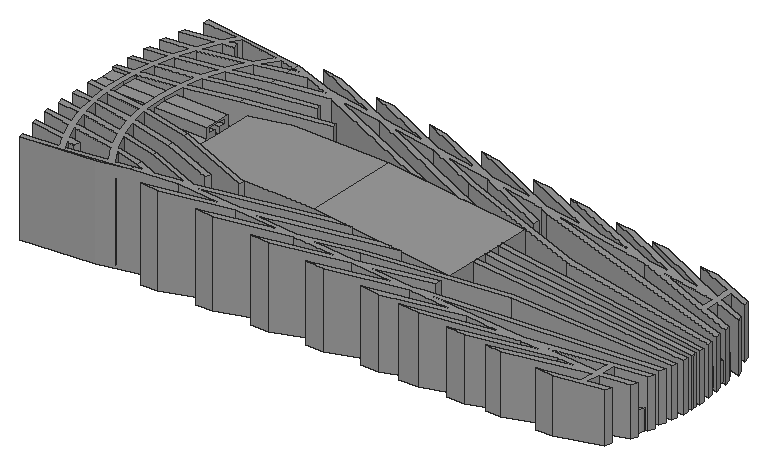
Revit family "Superstreet 250", category Осветительные приборы, Revit 2017 (continued)
Types (11, lengths in mm): name | built-in parameter 1150134 | Файл фотометрической сетки | built-in parameter 1150105 | Lumens | Apparent Load | built-in parameter 1150106 | built-in parameter 1150142 | Wattage | built-in parameter 1150107 | Артикул
  Superstreet 250 5.0К Ш22 | 2 | "Superstreet 250-202-LLI22-5.0K-01.ies" | 2106.6 (stored number, unit not read) | 26472 lm | 202 VA | 21.066 (stored number, unit not read) | "ISNA:LM-63-1995\r\n[TEST]LEDEL\r\n[DATA]28.05.2018\r\n[MANUFAC]LEDEL\r\n[LUMCAT]Superstreet 250/202/Ш22/5.0K/01\r\n[LUMINAIRE]Для освещения дорог категорий А и Б, городских улиц и площадей\r\n[LAMPCAT]LED\r\n[LAMP]OSRAM OSLON SQUARE3\r\nTILT=NONE\r\n\r\n1 26472 0.796198 37 37 1 2 0.636 0.256 0.100\r\n\r\n1 1 202\r\n\r\n0 2.5 5 7.5 10 12.5 15 17.5 20 22.5 25 27.5 30 32.5 35 37.5 40 42.5 45 47.5\r\n50 52.5 55 57.5 60 62.5 65 67.5 70 72.5 75 77.5 80 82.5 85 87.5 90\r\n\r\n90 95 100 105 110 115 120 125 130 135 140 145 150 155 160 165 170 175 180\r\n 185 190 195 200 205 210 215 220 225 230 235 240 245 250 255 260 265 270\r\n\r\n  8396 8494 8554 8644 8734 8846 8944 9038 9094 9229 9387 9574 9784 10043 10377\r\n  10857 11413 11724 11533 11050 10130 7762 4877 3393 2574 1929 1366 999 781 646\r\n  511 372 271 151 106 91 53\r\n  8374 8464 8539 8584 8689 8791 8884 8974 9064 9158 9297 9484 9694 9953 10242\r\n  10658 11202 11630 11660 11293 10572 8838 5898 3791 2724 2091 1501 1062 811 676\r\n  526 387 286 192 121 91 61\r\n  8359 8464 8539 8584 8674 8779 8877 8963 9049 9139 9259 9469 9657 9893 10182\r\n  10568 11082 11589 11743 11488 10850 9400 6626 4211 2912 2214 1636 1164 886 702\r\n  548 425 301 222 136 114 61\r\n  8336 8452 8539 8584 8659 8749 8854 8936 9034 9124 9237 9413 9634 9851 10167\r\n  10553 11082 11652 11900 11672 11112 9869 7166 4486 3009 2293 1681 1194 878 706\r\n  586 447 346 249 143 106 76\r\n  8381 8467 8539 8591 8674 8756 8839 8929 9004 9094 9229 9383 9574 9833 10152\r\n  10538 11067 11671 11998 11818 11278 10244 7766 4805 3137 2331 1666 1122 841 687\r\n  541 432 316 207 128 91 61\r\n  8329 8449 8509 8569 8636 8722 8817 8884 8974 9053 9154 9319 9499 9743 10025\r\n  10400 10857 11412 11915 12002 11645 10956 9364 6445 3977 2609 1794 1224 901 721\r\n  608 481 376 282 188 136 106\r\n  8359 8460 8501 8565 8636 8719 8802 8873 8929 9038 9147 9304 9469 9702 9972\r\n  10298 10700 11265 11893 12137 11818 11170 9844 6783 3842 2391 1606 1137 878 706\r\n  593 462 331 226 143 106 91\r\n  8336 8426 8494 8554 8614 8681 8779 8812 8899 8989 9087 9229 9387 9563 9799\r\n  10076 10445 10932 11570 12129 12215 11807 11045 9307 6048 3191 1839 1288 968 781\r\n  616 481 368 249 166 121 98\r\n  8374 8452 8501 8554 8599 8674 8734 8809 8877 8974 9064 9169 9297 9469 9672\r\n  9956 10355 10770 11353 11997 12410 12257 11728 10788 8344 4416 2101 1356 1021 792\r\n  623 466 346 222 143 106 91\r\n  8344 8415 8471 8516 8569 8629 8674 8749 8809 8888 8989 9068 9169 9308 9529\r\n  9833 10190 10557 11022 11671 12395 12771 12591 11995 10595 7073 3287 1719 1163 882\r\n  676 477 331 226 151 121 98\r\n  8344 8419 8479 8497 8554 8614 8659 8719 8779 8827 8907 8978 9064 9203 9409\r\n  9686 9994 10347 10730 11228 11915 12744 13318 13262 12606 10987 7954 4344 2079 1186\r\n  848 601 428 297 218 139 121\r\n  8374 8449 8471 8505 8554 8614 8659 8719 8779 8836 8892 8974 9072 9218 9462\r\n  9731 10032 10373 10745 11217 11840 12676 13543 13926 13483 12150 9942 6855 3767 1874\r\n  1036 669 436 301 211 151 121\r\n  8374 8407 8464 8475 8494 8550 8584 8644 8704 8737 8787 8839 8959 9094 9327\r\n  9596 9882 10208 10602 11085 11593 12215 12913 13648 13889 13128 11435 9131 6513 3784\r\n  1816 894 518 339 218 174 136\r\n  8374 8407 8449 8475 8494 8509 8569 8614 8659 8681 8734 8797 8884 9053 9297\r\n  9548 9822 10148 10535 10973 11450 11937 12455 12988 13416 13379 12463 10759 8606 5863\r\n  3309 1544 691 391 278 211 166\r\n  8374 8389 8419 8449 8464 8482 8539 8569 8614 8617 8651 8722 8832 8978 9207\r\n  9454 9717 10016 10400 10815 11308 11817 12328 12804 13131 13187 12778 11726 10032 7412\r\n  4637 2294 931 447 286 222 188\r\n  8374 8389 8404 8419 8449 8464 8494 8539 8546 8554 8599 8674 8802 8959 9162\r\n  9398 9679 9998 10370 10755 11240 11776 12380 12988 13446 13521 13146 12273 10775 8006\r\n  4697 1987 796 421 271 207 151\r\n  8374 8397 8389 8404 8404 8426 8464 8490 8486 8509 8546 8625 8719 8873 9057\r\n  9259 9529 9833 10197 10595 11067 11611 12238 12909 13483 13746 13453 12483 10857 8029\r\n  4465 1852 751 414 286 211 188\r\n  8381 8389 8374 8374 8374 8392 8411 8419 8419 8452 8479 8557 8674 8824 8989\r\n  9203 9454 9728 10077 10478 10940 11472 12073 12657 13116 13232 12741 11471 9529 6505\r\n  3249 1307 616 387 278 211 181\r\n  8381 8377 8359 8344 8344 8344 8359 8344 8344 8374 8404 8467 8569 8719 8877\r\n  9064 9312 9596 9934 10313 10775 11280 11818 12324 12606 12512 11833 10529 8651 5912\r\n  3084 1296 616 379 278 211 196\r\n  8381 8374 8336 8310 8284 8254 8246 8242 8216 8209 8216 8254 8306 8404 8539\r\n  8697 8899 9151 9439 9774 10137 10524 10902 11237 11338 11097 10445 9378 7954 6106\r\n  4090 2277 1111 541 293 196 128\r\n  8374 8344 8306 8284 8239 8197 8179 8149 8104 8085 8089 8096 8141 8209 8291\r\n  8419 8614 8806 9042 9301 9544 9777 9949 9979 9769 9311 8539 7566 6356 4823\r\n  3249 1947 1021 488 271 181 128\r\n  8374 8317 8284 8239 8201 8149 8104 8059 7999 7957 7961 7954 7954 7980 8044\r\n  8130 8239 8374 8509 8644 8749 8794 8749 8632 8359 7901 7316 6554 5575 4201\r\n  2792 1692 908 439 256 181 136\r\n  8374 8314 8254 8209 8141 8085 8029 7969 7901 7834 7789 7744 7729 7729 7736\r\n  7789 7811 7867 7916 7924 7916 7834 7684 7447 7098 6674 6085 5240 4262 3082\r\n  1906 1061 593 316 203 139 121\r\n  8374 8314 8239 8171 8089 8044 7961 7882 7804 7710 7616 7549 7496 7473 7443\r\n  7398 7398 7413 7391 7327 7211 7038 6806 6528 6175 5691 4960 4084 3107 2059\r\n  1163 679 436 274 188 139 106\r\n  8374 8299 8224 8145 8059 7984 7886 7789 7669 7552 7443 7349 7293 7233 7166\r\n  7117 7076 7023 6911 6760 6558 6321 6055 5733 5275 4588 3782 2859 1966 1283\r\n  788 526 368 256 181 132 106\r\n  8374 8299 8209 8119 8029 7909 7811 7702 7556 7420 7308 7203 7128 7053 6978\r\n  6903 6813 6712 6551 6340 6115 5853 5568 5211 4600 3789 2852 1980 1321 874\r\n  623 462 331 233 181 109 106\r\n  8344 8277 8164 8062 7961 7834 7714 7564 7443 7308 7173 7068 6978 6903 6828\r\n  6727 6581 6408 6183 5958 5710 5448 5140 4689 3910 2934 2026 1358 916 694\r\n  526 391 293 211 151 106 91\r\n  8344 8254 8149 8032 7916 7789 7639 7488 7338 7222 7098 7016 6896 6813 6723\r\n  6618 6416 6168 5935 5688 5403 5121 4757 4123 3182 2213 1509 1054 811 634\r\n  511 376 271 192 121 106 91\r\n  8374 8284 8164 8044 7894 7744 7594 7443 7301 7180 7076 6963 6873 6783 6678\r\n  6532 6311 6066 5815 5553 5290 4993 4630 4032 3039 2018 1374 983 781 631\r\n  511 376 271 196 136 106 76\r\n  8336 8242 8126 7995 7849 7675 7519 7383 7248 7143 7046 6952 6873 6760 6633\r\n  6415 6198 5920 5658 5406 5140 4806 4330 3586 2582 1688 1186 889 736 604\r\n  473 361 256 181 128 94 91\r\n  8359 8239 8119 7972 7826 7642 7481 7327 7226 7128 7046 6963 6903 6798 6641\r\n  6438 6198 5920 5673 5406 5125 4731 4232 3549 2642 1763 1193 886 721 601\r\n  473 361 271 181 121 106 91\r\n  8329 8201 8081 7931 7774 7579 7413 7293 7188 7094 7038 6963 6888 6783 6588\r\n  6393 6160 5920 5680 5391 5035 4566 3925 3136 2289 1538 1043 799 661 533\r\n  443 323 226 181 121 102 91\r\n  8381 8254 8126 7984 7811 7627 7458 7308 7211 7132 7076 7023 6948 6835 6663\r\n  6457 6235 6010 5800 5500 5133 4629 3932 3091 2221 1496 1043 799 646 526\r\n  421 316 241 181 121 94 76\r\n  8336 8224 8074 7909 7751 7555 7391 7278 7173 7128 7068 7038 6948 6828 6656\r\n  6457 6281 6108 5860 5553 5155 4629 3880 3027 2154 1433 1013 799 646 526\r\n  406 301 241 151 121 91 76\r\n  8359 8224 8074 7924 7751 7552 7391 7282 7203 7158 7113 7065 6986 6862 6663\r\n  6487 6303 6123 5868 5571 5178 4588 3805 2896 2026 1328 983 781 631 488\r\n  383 286 218 157 106 94 76\r\n  8374 8227 8104 7954 7759 7567 7406 7305 7218 7162 7136 7083 7031 6907 6746\r\n  6588 6408 6250 5988 5721 5350 4794 4000 3061 2124 1391 991 799 661 522\r\n  421 301 226 151 121 91 61\r\n  8396 8261 8134 7972 7811 7627 7443 7320 7226 7180 7128 7090 7053 6952 6783\r\n  6588 6453 6285 6040 5781 5463 4952 4187 3241 2289 1493 1043 818 676 541\r\n  421 316 241 181 121 91 91\r\n\r\n" | 178.212 W | 5000 (stored number, unit not read) | ""
  Superstreet 250 4.0К Ш23 | 12 | "Superstreet 250-202-LLI23-4.0-01.ies" | 2104.8 (stored number, unit not read) | 26450 lm | 202 VA | 21.048 (stored number, unit not read) | "ISNA:LM-63-1995\r\n[TEST]LEDEL\r\n[DATA]28.05.2018\r\n[MANUFAC]LEDEL\r\n[LUMCAT]Superstreet 250/202/Ш23/4.0K/01\r\n[LUMINAIRE]Для освещения дорог категорий А и Б, городских улиц и площадей\r\n[LAMPCAT]LED\r\n[LAMP]OSRAM OSLON SQUARE3\r\nTILT=NONE\r\n\r\n1 26450 0.830272 37 37 1 2 0.636 0.256 0.100\r\n\r\n1 1 202\r\n\r\n0 2.5 5 7.5 10 12.5 15 17.5 20 22.5 25 27.5 30 32.5 35 37.5 40 42.5 45 47.5\r\n 50 52.5 55 57.5 60 62.5 65 67.5 70 72.5 75 77.5 80 82.5 85 87.5 90\r\n\r\n90 95 100 105 110 115 120 125 130 135 140 145 150 155 160 165 170 175 180\r\n 185 190 195 200 205 210 215 220 225 230 235 240 245 250 255 260 265 270\r\n\r\n  6505 6715 6903 7090 7263 7421 7579 7740 7887 8037 8172 8337 8495 8656 8878\r\n  9167 9606 9936 9974 9719 9163 8203 6572 4416 2689 1631 1195 958 774 616\r\n  511 388 271 181 106 84 46\r\n  6490 6703 6903 7079 7233 7421 7579 7740 7894 8040 8172 8311 8465 8603 8788\r\n  9002 9321 9674 9922 9952 9659 9048 7947 6183 4101 2432 1480 1064 857 706\r\n  586 451 331 222 136 91 61\r\n  6475 6658 6880 7064 7226 7391 7571 7725 7879 8040 8172 8322 8472 8623 8788\r\n  8972 9253 9594 9839 9899 9674 9123 8097 6360 4259 2571 1555 1124 894 718\r\n  586 451 316 222 136 91 61\r\n  6550 6748 6970 7124 7301 7458 7624 7773 7932 8082 8232 8386 8547 8690 8848\r\n  9027 9314 9587 9764 9761 9471 8876 7714 5749 3591 2138 1375 1064 849 688\r\n  534 421 293 207 121 91 61\r\n  6520 6715 6903 7075 7248 7421 7564 7736 7887 8055 8202 8352 8495 8668 8818\r\n  8968 9156 9407 9644 9764 9734 9430 8735 7427 5371 3356 1916 1229 939 767\r\n  616 478 361 256 143 91 61\r\n  6535 6718 6903 7087 7241 7406 7579 7736 7902 8055 8209 8359 8517 8671 8833\r\n  8987 9193 9441 9689 9884 9914 9731 9186 8061 6024 3630 1901 1199 932 737\r\n  571 414 271 181 113 91 61\r\n  6557 6745 6910 7079 7233 7394 7571 7751 7917 8074 8232 8386 8532 8713 8863\r\n  9020 9201 9429 9719 9966 10147 10095 9779 8969 7286 4652 2314 1319 1044 853\r\n  646 504 376 256 151 106 98\r\n  6640 6805 6970 7124 7256 7421 7601 7773 7932 8097 8255 8412 8585 8743 8908\r\n  9077 9246 9467 9749 10098 10342 10410 10192 9558 8134 5388 2501 1429 1112 883\r\n  684 511 376 256 143 106 91\r\n  6572 6745 6903 7060 7211 7379 7556 7725 7902 8055 8217 8382 8555 8716 8885\r\n  9058 9238 9464 9712 10026 10342 10564 10605 10385 9667 8036 5145 2380 1292 1012\r\n  797 586 406 279 188 121 106\r\n  6580 6733 6888 7034 7188 7334 7526 7706 7871 8037 8187 8349 8502 8671 8848\r\n  9047 9231 9434 9667 9936 10252 10612 10861 10906 10598 9567 7428 4312 1938 1139\r\n  879 635 436 271 181 121 98\r\n  6557 6700 6850 6974 7128 7289 7466 7635 7811 7977 8142 8269 8457 8638 8833\r\n  9055 9246 9479 9674 9929 10252 10639 11033 11363 11462 11004 9697 7327 4259 2034\r\n  1120 760 511 301 196 136 106\r\n  6565 6700 6813 6955 7083 7244 7413 7586 7759 7920 8089 8250 8412 8599 8825\r\n  9062 9283 9512 9742 10026 10395 10777 11184 11660 12010 12074 11552 10085 7661 4626\r\n  2164 1057 624 391 256 192 151\r\n  6587 6700 6805 6925 7060 7226 7383 7571 7744 7908 8074 8232 8405 8626 8863\r\n  9103 9336 9576 9839 10192 10620 11059 11499 11979 12445 12783 12738 11910 10207 7289\r\n  3658 1534 774 463 301 226 203\r\n  6587 6677 6790 6899 7030 7166 7338 7518 7706 7848 8007 8179 8352 8581 8840\r\n  9110 9336 9572 9854 10263 10741 11255 11769 12280 12738 13162 13512 13426 12611 10068\r\n  6279 2733 1022 523 353 267 211\r\n  6595 6693 6775 6880 6985 7139 7316 7469 7654 7815 7969 8145 8337 8581 8863\r\n  9152 9389 9606 9944 10398 10921 11495 12055 12607 13054 13493 13895 14109 13865 11547\r\n  7616 3429 1225 530 346 249 203\r\n  6610 6670 6737 6823 6940 7075 7241 7406 7601 7751 7902 8070 8292 8524 8825\r\n  9110 9359 9599 9952 10417 10981 11570 12152 12704 13242 13745 14248 14695 14849 12986\r\n  8795 3974 1345 553 353 271 218\r\n  6610 6670 6737 6823 6940 7075 7241 7406 7601 7751 7902 8070 8292 8524 8825\r\n  9110 9359 9599 9952 10417 10981 11570 12152 12704 13242 13745 14248 14695 14849 12986\r\n  8795 3974 1345 553 353 271 218\r\n  6625 6651 6685 6748 6850 6959 7105 7241 7406 7575 7736 7920 8149 8434 8765\r\n  9077 9351 9677 10102 10657 11274 11919 12566 13188 13842 14446 14939 15127 14481 11349\r\n  6407 2354 842 481 346 282 226\r\n  6625 6655 6685 6730 6805 6910 7053 7169 7323 7484 7654 7848 8089 8359 8698\r\n  9020 9359 9741 10245 10868 11559 12250 12881 13376 13752 14000 13993 13745 12949 10368\r\n  6429 2685 947 451 316 267 226\r\n  6625 6602 6595 6618 6647 6726 6813 6925 7083 7211 7398 7575 7796 8030 8315\r\n  8664 9043 9457 9937 10493 11094 11665 12145 12438 12566 12528 12400 12183 11762 10543\r\n  7924 4650 2179 916 444 267 166\r\n  6610 6553 6520 6505 6520 6565 6640 6715 6820 6925 7068 7226 7398 7571 7781\r\n  8014 8277 8574 8870 9213 9546 9839 10057 10140 10050 9771 9291 8483 7218 5654\r\n  3936 2388 1277 608 346 214 136\r\n  6610 6553 6520 6505 6520 6565 6640 6715 6820 6925 7068 7226 7398 7571 7781\r\n  8014 8277 8574 8870 9213 9546 9839 10057 10140 10050 9771 9291 8483 7218 5654\r\n  3936 2388 1277 608 346 214 136\r\n  6595 6538 6490 6460 6460 6478 6550 6625 6707 6802 6918 7042 7143 7256 7398\r\n  7541 7676 7865 8044 8262 8472 8581 8585 8404 8067 7635 7023 6098 4965 3653\r\n  2246 1194 669 391 256 174 121\r\n  6587 6505 6460 6414 6399 6414 6452 6512 6565 6640 6730 6802 6865 6895 6955\r\n  6985 7038 7075 7143 7166 7150 7049 6835 6557 6317 6057 5498 4569 3485 2298\r\n  1300 747 519 346 226 139 128\r\n  6587 6478 6414 6384 6339 6362 6354 6384 6429 6471 6490 6505 6505 6478 6460\r\n  6414 6339 6279 6129 5952 5716 5472 5295 5209 5145 4811 4079 3094 2073 1269\r\n  849 601 421 286 196 136 113\r\n  6565 6475 6399 6324 6287 6249 6264 6279 6279 6279 6249 6234 6167 6091 5994\r\n  5877 5678 5430 5160 4886 4657 4525 4469 4477 4379 3946 3162 2204 1420 984\r\n  729 541 391 271 188 132 98\r\n  6557 6448 6339 6283 6234 6197 6159 6144 6114 6069 6009 5949 5859 5727 5551\r\n  5310 5018 4706 4409 4161 4026 3951 3966 3981 3801 3240 2404 1615 1127 860\r\n  676 511 361 256 181 121 98\r\n  6580 6460 6339 6249 6167 6126 6076 6009 5956 5889 5799 5693 5551 5378 5123\r\n  4811 4484 4195 3944 3748 3651 3617 3636 3636 3418 2801 1991 1393 1029 819\r\n  661 488 361 256 181 109 98\r\n  6572 6445 6309 6208 6129 6042 5971 5892 5799 5708 5573 5423 5258 5002 4695\r\n  4375 4049 3801 3575 3455 3410 3440 3463 3410 3110 2482 1765 1239 954 770\r\n  616 466 346 226 143 106 91\r\n  6640 6505 6369 6223 6114 5994 5896 5799 5678 5547 5401 5228 5002 4721 4394\r\n  4078 3801 3560 3388 3294 3275 3317 3365 3252 2975 2471 1780 1239 954 770\r\n  616 470 346 226 151 106 76\r\n  6557 6399 6264 6133 6024 5919 5799 5663 5528 5378 5198 4976 4695 4387 4064\r\n  3789 3553 3365 3238 3197 3223 3290 3245 3075 2787 2302 1690 1176 879 710\r\n  556 436 301 211 143 91 76\r\n  6535 6381 6227 6091 5986 5859 5723 5565 5416 5231 5048 4807 4492 4168 3883\r\n  3621 3395 3230 3147 3151 3230 3275 3192 3020 2742 2321 1773 1243 894 710\r\n  586 451 331 226 151 106 76\r\n  6520 6346 6204 6057 5919 5799 5633 5457 5280 5078 4852 4567 4244 3913 3628\r\n  3399 3215 3113 3080 3140 3230 3215 3125 2990 2697 2201 1623 1191 872 680\r\n  534 391 278 196 128 102 76\r\n  6550 6369 6204 6054 5896 5754 5573 5393 5205 4987 4725 4417 4086 3771 3500\r\n  3290 3117 3050 3065 3140 3170 3155 3125 2963 2577 2035 1480 1074 804 631\r\n  474 361 263 181 121 94 91\r\n  6475 6294 6137 5979 5829 5652 5476 5280 5063 4826 4552 4225 3921 3621 3380\r\n  3185 3050 2990 3035 3110 3132 3140 3095 2858 2396 1855 1382 1025 774 590\r\n  436 316 241 158 121 94 91\r\n  6490 6313 6137 5994 5829 5652 5468 5276 5055 4807 4522 4195 3868 3575 3350\r\n  3143 3027 2975 3020 3061 3080 3113 3065 2858 2419 1885 1390 1029 774 601\r\n  429 304 218 151 121 102 98\r\n  6505 6313 6152 5994 5844 5652 5468 5273 5048 4784 4484 4161 3846 3549 3313\r\n  3125 3020 2975 3020 3050 3095 3113 3050 2783 2329 1806 1337 1010 752 563\r\n  429 304 218 139 121 91 76\r\n\r\n" | 178.064 W | 4000 (stored number, unit not read) | ""
